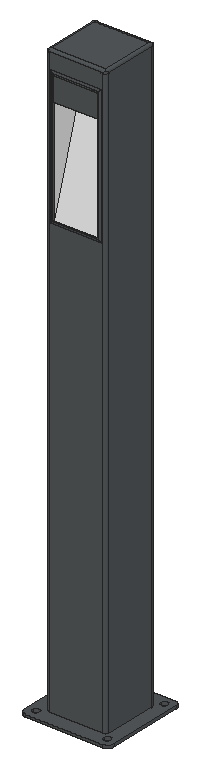
Revit family "svetilnik_alfresco_ar deko_dtu19", category Lighting Fixtures, Revit 2016 (continued)
Definition of nested family "Источник света Ар_Деко"
  Types (5, lengths in mm): name | Photometric Web File | built-in parameter 1150142
      .2       0.2\r\n       0.2       0.2       0.2       0.2       0.2       0.2       0.2       0.2\r\n       0.2       0.2       0.2       0.2       0.2       0.2       0.2       0.2\r\n       0.2       0.2       0.2       0.2       0.2       0.2       0.2       0.2\r\n       0.2       0.2       0.2       0.2       0.2       0.2       0.2       0.2\r\n       0.2       0.2       0.2       0.2       0.2       0.2       0.2       0.2\r\n       0.2       0.2       0.2       0.2       0.2       0.2       0.2       0.2\r\n       0.2       0.2       0.2       0.2       0.2       0.2       0.2       0.2\r\n       0.2       0.2       0.2       0.2       0.2       0.2       0.2       0.2\r\n       0.2       0.2       0.2       0.2       0.2       0.2       0.2       0.2\r\n       0.2       0.2       0.2       0.2       0.2       0.2       0.2       0.2\r\n       0.2       0.2       0.2       0.2       0.2       0.2       0.2       0.2\r\n       0.2       0.2       0.2       0.2       0.2       0.2       0.2       0.2\r\n       0.2       0.2       0.2       0.2       0.2       0.2       0.2       0.2\r\n       0.2       0.2       0.2       0.2       0.2       0.2       0.2       0.2\r\n       0.2       0.2       0.2       0.2       0.2       0.2       0.2       0.2\r\n       0.2       0.1       0.1       0.1       0.1       0.1       0.1       0.1\r\n       0.1       0.1       0.0       0.0       0.0\r\n       0.0       0.0       0.1       0.1       0.1       0.1       0.1       0.1\r\n       0.2       0.3       0.2       0.2       0.2       0.2       0.2       0.2\r\n       0.2       0.2       0.2       0.2       0.2       0.2       0.2       0.2\r\n       0.2       0.2       0.2       0.2       0.2       0.2       0.2       0.2\r\n       0.2       0.2       0.2       0.2       0.2       0.2       0.2       0.2\r\n       0.2       0.2       0.2       0.2       0.2       0.2       0.2       0.2\r\n       0.2       0.2       0.2       0.2       0.2       0.2       0.2       0.2\r\n       0.2       0.2       0.2       0.2       0.2       0.2       0.2       0.2\r\n       0.2       0.2       0.2       0.2       0.2       0.2       0.2       0.2\r\n       0.2       0.2       0.2       0.2       0.2       0.2       0.2       0.2\r\n       0.2       0.2       0.2       0.2       0.2       0.2       0.2       0.2\r\n       0.2       0.2       0.2       0.2       0.2       0.2       0.2       0.2\r\n       0.2       0.2       0.2       0.2       0.2       0.2       0.2       0.2\r\n       0.2       0.2       0.2       0.2       0.2       0.2       0.2       0.2\r\n       0.2       0.2       0.2       0.2       0.2       0.2       0.2       0.2\r\n       0.2       0.2       0.2       0.2       0.2       0.2       0.2       0.2\r\n       0.2       0.2       0.2       0.2       0.2       0.2       0.2       0.2\r\n       0.2       0.2       0.2       0.2       0.2       0.2       0.2       0.2\r\n       0.2       0.2       0.2       0.2       0.2       0.2       0.2       0.2\r\n       0.2       0.2       0.2       0.2       0.2       0.2       0.2       0.2\r\n       0.2       0.2       0.2       0.2       0.2       0.2       0.2       0.2\r\n       0.2       0.1       0.1       0.1       0.1       0.1       0.1       0.1\r\n       0.1       0.1       0.0       0.0       0.0\r\n       0.0       0.0       0.1       0.1       0.1       0.1       0.1       0.1\r\n       0.2       0.3       0.2       0.2       0.2       0.2       0.2       0.2\r\n       0.2       0.2       0.2       0.2       0.2       0.2       0.2       0.2\r\n       0.2       0.2       0.2       0.2       0.2       0.2       0.2       0.2\r\n       0.3       0.2       0.2       0.2       0.2       0.2       0.2       0.2\r\n       0.2       0.2       0.3       0.2       0.2       0.2       0.2       0.2\r\n       0.2       0.2       0.2       0.2       0.2       0.2       0.2       0.2\r\n       0.2       0.2       0.2       0.2       0.2       0.2       0.3       0.2\r\n       0.2       0.2       0.2       0.2       0.2       0.2       0.2       0.2\r\n       0.2       0.2       0.2       0.2       0.2       0.2       0.2       0.2\r\n       0.2       0.2       0.2       0.2       0.2       0.2       0.2       0.2\r\n       0.2       0.2       0.2       0.2       0.2       0.2       0.2       0.2\r\n       0.2       0.2       0.2       0.2       0.2       0.2       0.2       0.2\r\n       0.2       0.2       0.2       0.2       0.2       0.2       0.2       0.2\r\n       0.2       0.2       0.2       0.2       0.2       0.2       0.2       0.2\r\n       0.2       0.2       0.2       0.2       0.2       0.2       0.2       0.2\r\n       0.2       0.2       0.2       0.2       0.2       0.2       0.2       0.2\r\n       0.2       0.2       0.2       0.2       0.2       0.2       0.2       0.2\r\n       0.2       0.2       0.2       0.2       0.2       0.2       0.2       0.2\r\n       0.2       0.2       0.2       0.2       0.2       0.2       0.2       0.2\r\n       0.2       0.2       0.2       0.2       0.2       0.2       0.2       0.2\r\n       0.2       0.1       0.1       0.1       0.1       0.1       0.1       0.1\r\n       0.1       0.1       0.0       0.0       0.0\r\n       0.0       0.0       0.1       0.1       0.1       0.1       0.1       0.1\r\n       0.2       0.3       0.2       0.2       0.2       0.2       0.2       0.2\r\n       0.2       0.2       0.2       0.2       0.2       0.2       0.2       0.2\r\n       0.2       0.2       0.2       0.2       0.2       0.2       0.2       0.2\r\n       0.2       0.2       0.2       0.2       0.2       0.3       0.3       0.2\r\n       0.2       0.2       0.2       0.4       0.3       0.2       0.2       0.2\r\n       0.2       0.2       0.2       0.2       0.2       0.2       0.2       0.2\r\n       0.2       0.2       0.2       0.2       0.2       0.2       0.2       0.2\r\n       0.2       0.2       0.2       0.2       0.2       0.2       0.2       0.2\r\n       0.2       0.2       0.2       0.2       0.2       0.2       0.2       0.2\r\n       0.2       0.2       0.2       0.2       0.2       0.2       0.2       0.2\r\n       0.2       0.2       0.2       0.2       0.2       0.2       0.2       0.2\r\n       0.2       0.2       0.2       0.2       0.2       0.2       0.2       0.2\r\n       0.2       0.2       0.2       0.2       0.2       0.2       0.2       0.2\r\n       0.2       0.2       0.2       0.2       0.2       0.3       0.2       0.2\r\n       0.2       0.2       0.2       0.2       0.2       0.2       0.2       0.2\r\n       0.2       0.2       0.2       0.2       0.2       0.2       0.2       0.2\r\n       0.2       0.2       0.2       0.2       0.2       0.2       0.2       0.2\r\n       0.2       0.2       0.2       0.2       0.2       0.2       0.2       0.2\r\n       0.2       0.2       0.2       0.2       0.2       0.2       0.2       0.2\r\n       0.2       0.2       0.2       0.2       0.2       0.2       0.2       0.2\r\n       0.2       0.1       0.1       0.1       0.1       0.1       0.1       0.1\r\n       0.1       0.1       0.0       0.0       0.0\r\n       0.0       0.0       0.1       0.1       0.1       0.1       0.1       0.1\r\n       0.2       0.3       0.2       0.2       0.2       0.2       0.2       0.2\r\n       0.2       0.2       0.2       0.2       0.2       0.2       0.2       0.2\r\n       0.2       0.2       0.2       0.2       0.2       0.2       0.2       0.2\r\n       0.2       0.2       0.2       0.2       0.2       0.3       0.2       0.2\r\n       0.2       0.2       0.2       0.3       0.2       0.2       0.2       0.2\r\n       0.2       0.2       0.2       0.2       0.2       0.2       0.2       0.2\r\n       0.2       0.2       0.2       0.2       0.2       0.2       0.2       0.2\r\n       0.2       0.2       0.2       0.2       0.2       0.2       0.2       0.2\r\n       0.2       0.2       0.2       0.2       0.2       0.2       0.2       0.2\r\n       0.2       0.2       0.2       0.2       0.2       0.2       0.2       0.2\r\n       0.2       0.2       0.2       0.2       0.2       0.2       0.2       0.2\r\n       0.2       0.2       0.2       0.2       0.2       0.2       0.2       0.2\r\n       0.2       0.2       0.2       0.2       0.2       0.2       0.2       0.2\r\n       0.2       0.2       0.2       0.2       0.2       0.4       0.2       0.2\r\n       0.2       0.2       0.2       0.2       0.2       0.2       0.2       0.2\r\n       0.2       0.2       0.2       0.2       0.2       0.2       0.2       0.2\r\n       0.2       0.2       0.2       0.2       0.2       0.2       0.2       0.2\r\n       0.2       0.2       0.2       0.2       0.2       0.2       0.2       0.2\r\n       0.2       0.2       0.2       0.2       0.2       0.2       0.2       0.2\r\n       0.2       0.2       0.2       0.2       0.2       0.2       0.2       0.2\r\n       0.2       0.1       0.1       0.1       0.1       0.1       0.1       0.1\r\n       0.1       0.1       0.0       0.0       0.0\r\n       0.0       0.0       0.1       0.1       0.1       0.1       0.1       0.1\r\n       0.2       0.2       0.2       0.2       0.2       0.2       0.2       0.2\r\n       0.2       0.2       0.2       0.2       0.2       0.2       0.2       0.2\r\n       0.2       0.2       0.2       0.2       0.2       0.2       0.2       0.2\r\n       0.2       0.2       0.2       0.2       0.2       0.2       0.2       0.2\r\n       0.2       0.2       0.2       0.2       0.2       0.2       0.2       0.2\r\n       0.2       0.2       0.2       0.2       0.2       0.2       0.2       0.2\r\n       0.2       0.2       0.2       0.2       0.2       0.2       0.2       0.2\r\n       0.2       0.2       0.2       0.2       0.2       0.2       0.2       0.2\r\n       0.2       0.2       0.2       0.2       0.2       0.2       0.2       0.2\r\n       0.2       0.2       0.2       0.2       0.2       0.2       0.2       0.2\r\n       0.2       0.2       0.2       0.2       0.2       0.2       0.2       0.2\r\n       0.2       0.2       0.2       0.2       0.2       0.2       0.2       0.2\r\n       0.2       0.2       0.2       0.2       0.2       0.2       0.2       0.2\r\n       0.2       0.2       0.2       0.2       0.2       0.2       0.2       0.2\r\n       0.2       0.2       0.2       0.2       0.2       0.2       0.2       0.2\r\n       0.2       0.2       0.2       0.2       0.2       0.2       0.2       0.2\r\n       0.2       0.2       0.2       0.2       0.2       0.2       0.2       0.2\r\n       0.2       0.2       0.2       0.2       0.2       0.2       0.2       0.2\r\n       0.2       0.2       0.2       0.2       0.2       0.2       0.2       0.2\r\n       0.2       0.2       0.2       0.2       0.2       0.2       0.2       0.2\r\n       0.2       0.1       0.1       0.1       0.1       0.1       0.1       0.1\r\n       0.1       0.1       0.0       0.0       0.0\r\n       0.0       0.0       0.1       0.1       0.1       0.1       0.1       0.1\r\n       0.2       0.2       0.2       0.2       0.2       0.2       0.2       0.2\r\n       0.2       0.2       0.2       0.2       0.2       0.2       0.2       0.2\r\n       0.2       0.2       0.2       0.2       0.2       0.2       0.2       0.2\r\n       0.2       0.2       0.2       0.2       0.2       0.2       0.2       0.2\r\n       0.2       0.2       0.2       0.2       0.2       0.2       0.2       0.2\r\n       0.2       0.2       0.2       0.2       0.2       0.2       0.2       0.2\r\n       0.2       0.2       0.2       0.2       0.2       0.2       0.2       0.2\r\n       0.2       0.2       0.2       0.2       0.2       0.2       0.2       0.2\r\n       0.2       0.2       0.2       0.2       0.2       0.2       0.2       0.2\r\n       0.2       0.2       0.2       0.2       0.2       0.2       0.2       0.2\r\n       0.2       0.2       0.2       0.2       0.2       0.2       0.2       0.2\r\n       0.2       0.2       0.2       0.2       0.2       0.2       0.2       0.2\r\n       0.2       0.2       0.2       0.2       0.2       0.2       0.2       0.2\r\n       0.2       0.2       0.2       0.2       0.2       0.2       0.2       0.2\r\n       0.2       0.2       0.2       0.2       0.2       0.2       0.2       0.2\r\n       0.2       0.2       0.2       0.2       0.2       0.2       0.2       0.2\r\n       0.2       0.2       0.2       0.2       0.2       0.2       0.2       0.2\r\n       0.2       0.2       0.2       0.2       0.2       0.2       0.2       0.2\r\n       0.2       0.2       0.2       0.2       0.2       0.2       0.2       0.2\r\n       0.2       0.2       0.2       0.2       0.2       0.2       0.2       0.2\r\n       0.2       0.1       0.1       0.1       0.1       0.1       0.1       0.1\r\n       0.1       0.1       0.0       0.0       0.0\r\n       0.0       0.0       0.1       0.1       0.1       0.1       0.1       0.1\r\n       0.2       0.2       0.2       0.2       0.2       0.2       0.2       0.2\r\n       0.2       0.2       0.2       0.2       0.2       0.2       0.2       0.2\r\n       0.2       0.2       0.2       0.2       0.2       0.2       0.2       0.2\r\n       0.2       0.2       0.2       0.2       0.2       0.2       0.2       0.2\r\n       0.2       0.2       0.2       0.2       0.2       0.2       0.2       0.2\r\n       0.2       0.2       0.2       0.2       0.2       0.2       0.2       0.2\r\n       0.2       0.2       0.2       0.2       0.2       0.2       0.2       0.2\r\n       0.2       0.2       0.2       0.2       0.2       0.2       0.2       0.2\r\n       0.2       0.2       0.2       0.2       0.2       0.2       0.2       0.2\r\n       0.2       0.2       0.2       0.2       0.2       0.2       0.2       0.2\r\n       0.2       0.2       0.2       0.2       0.2       0.2       0.2       0.2\r\n       0.2       0.2       0.2       0.2       0.2       0.2       0.2       0.2\r\n       0.2       0.2       0.2       0.2       0.2       0.2       0.2       0.2\r\n       0.2       0.2       0.2       0.2       0.2       0.2       0.2       0.2\r\n       0.2       0.2       0.2       0.2       0.2       0.2       0.2       0.2\r\n       0.2       0.2       0.2       0.2       0.2       0.2       0.2       0.2\r\n       0.2       0.2       0.2       0.2       0.2       0.2       0.2       0.2\r\n       0.2       0.2       0.2       0.2       0.2       0.2       0.2       0.2\r\n       0.2       0.2       0.2       0.2       0.2       0.2       0.2       0.2\r\n       0.2       0.2       0.2       0.2       0.2       0.2       0.2       0.2\r\n       0.2       0.1       0.1       0.1       0.1       0.1       0.1       0.1\r\n       0.1       0.1       0.0       0.0       0.0\r\n       0.0       0.0       0.1       0.1       0.1       0.1       0.1       0.1\r\n       0.2       0.2       0.2       0.2       0.2       0.2       0.2       0.2\r\n       0.2       0.2       0.2       0.2       0.2       0.2       0.2       0.2\r\n       0.2       0.2       0.2       0.2       0.2       0.2       0.2       0.2\r\n       0.2       0.2       0.2       0.2       0.2       0.2       0.2       0.2\r\n       0.2       0.2       0.2       0.2       0.2       0.2       0.2       0.2\r\n       0.2       0.2       0.2       0.2       0.2       0.2       0.2       0.2\r\n       0.2       0.2       0.2       0.2       0.2       0.2       0.2       0.2\r\n       0.2       0.2       0.2       0.2       0.2       0.2       0.2       0.2\r\n       0.2       0.2       0.2       0.2       0.2       0.2       0.2       0.2\r\n       0.2       0.2       0.2       0.2       0.2       0.2       0.2       0.2\r\n       0.2       0.2       0.2       0.2       0.2       0.2       0.2       0.2\r\n       0.2       0.2       0.2       0.2       0.2       0.2       0.2       0.2\r\n       0.2       0.2       0.2       0.2       0.2       0.2       0.2       0.2\r\n       0.2       0.2       0.2       0.2       0.2       0.2       0.2       0.2\r\n       0.2       0.2       0.2       0.2       0.2       0.2       0.2       0.2\r\n       0.2       0.2       0.2       0.2       0.2       0.2       0.2       0.2\r\n       0.2       0.2       0.2       0.2       0.2       0.2       0.2       0.2\r\n       0.2       0.2       0.2       0.2       0.2       0.2       0.2       0.2\r\n       0.2       0.2       0.2       0.2       0.2       0.2       0.2  
           0.2\r\n       0.2       0.2       0.2       0.2       0.2       0.2       0.2       0.2\r\n       0.2       0.1       0.1       0.1       0.1       0.1       0.1       0.1\r\n       0.1       0.1       0.0       0.0       0.0\r\n       0.0       0.0       0.1       0.1       0.1       0.1       0.1       0.1\r\n       0.2       0.2       0.2       0.2       0.2       0.2       0.2       0.2\r\n       0.2       0.2       0.2       0.2       0.2       0.2       0.2       0.2\r\n       0.2       0.2       0.2       0.2       0.2       0.2       0.2       0.2\r\n       0.2       0.2       0.2       0.2       0.2       0.2       0.2       0.2\r\n       0.2       0.2       0.2       0.2       0.2       0.2       0.2       0.2\r\n       0.2       0.2       0.2       0.2       0.2       0.2       0.2       0.2\r\n       0.2       0.2       0.2       0.2       0.2       0.2       0.2       0.2\r\n       0.2       0.2       0.2       0.2       0.2       0.2       0.2       0.2\r\n       0.2       0.2       0.2       0.2       0.2       0.2       0.2       0.2\r\n       0.2       0.2       0.2       0.2       0.2       0.2       0.2       0.2\r\n       0.2       0.2       0.2       0.2       0.2       0.2       0.2       0.2\r\n       0.2       0.2       0.2       0.2       0.2       0.2       0.2       0.2\r\n       0.2       0.2       0.2       0.2       0.2       0.2       0.2       0.2\r\n       0.2       0.2       0.2       0.2       0.2       0.2       0.2       0.2\r\n       0.2       0.2       0.2       0.2       0.2       0.2       0.2       0.2\r\n       0.2       0.2       0.2       0.2       0.2       0.2       0.2       0.2\r\n       0.2       0.2       0.2       0.2       0.2       0.2       0.2       0.2\r\n       0.2       0.2       0.2       0.2       0.2       0.2       0.2       0.2\r\n       0.2       0.2       0.2       0.2       0.2       0.2       0.2       0.2\r\n       0.2       0.2       0.2       0.2       0.2       0.2       0.2       0.2\r\n       0.2       0.1       0.1       0.1       0.1       0.1       0.1       0.1\r\n       0.1       0.1       0.0       0.0       0.0\r\n       0.0       0.0       0.1       0.1       0.1       0.1       0.1       0.1\r\n       0.2       0.2       0.2       0.2       0.2       0.2       0.2       0.2\r\n       0.2       0.2       0.2       0.2       0.2       0.2       0.2       0.2\r\n       0.2       0.2       0.2       0.2       0.2       0.2       0.2       0.2\r\n       0.2       0.2       0.2       0.2       0.2       0.2       0.2       0.2\r\n       0.2       0.2       0.2       0.2       0.2       0.2       0.2       0.2\r\n       0.2       0.2       0.2       0.2       0.2       0.2       0.2       0.2\r\n       0.2       0.2       0.2       0.2       0.2       0.2       0.2       0.2\r\n       0.2       0.2       0.2       0.2       0.2       0.2       0.2       0.2\r\n       0.2       0.2       0.2       0.2       0.2       0.2       0.2       0.2\r\n       0.2       0.2       0.2       0.2       0.2       0.2       0.2       0.2\r\n       0.2       0.2       0.2       0.2       0.2       0.2       0.2       0.2\r\n       0.2       0.2       0.2       0.2       0.2       0.2       0.2       0.2\r\n       0.2       0.2       0.2       0.2       0.2       0.2       0.2       0.2\r\n       0.2       0.2       0.2       0.2       0.2       0.2       0.2       0.2\r\n       0.2       0.2       0.2       0.2       0.2       0.2       0.2       0.2\r\n       0.2       0.2       0.2       0.2       0.2       0.2       0.2       0.2\r\n       0.2       0.2       0.2       0.2       0.2       0.2       0.2       0.2\r\n       0.2       0.2       0.2       0.2       0.2       0.2       0.2       0.2\r\n       0.2       0.2       0.2       0.2       0.2       0.2       0.2       0.2\r\n       0.2       0.2       0.2       0.2       0.2       0.2       0.2       0.2\r\n       0.2       0.1       0.1       0.1       0.1       0.1       0.1       0.1\r\n       0.1       0.1       0.0       0.0       0.0\r\n       0.0       0.0       0.1       0.1       0.1       0.1       0.1       0.1\r\n       0.2       0.2       0.2       0.2       0.2       0.2       0.2       0.2\r\n       0.2       0.2       0.2       0.2       0.2       0.2       0.2       0.2\r\n       0.2       0.2       0.2       0.2       0.2       0.2       0.2       0.2\r\n       0.2       0.2       0.2       0.2       0.2       0.2       0.2       0.2\r\n       0.2       0.2       0.2       0.2       0.2       0.2       0.2       0.2\r\n       0.2       0.2       0.2       0.2       0.2       0.2       0.2       0.2\r\n       0.2       0.2       0.2       0.2       0.2       0.2       0.2       0.2\r\n       0.2       0.2       0.2       0.2       0.2       0.2       0.2       0.2\r\n       0.2       0.2       0.2       0.2       0.2       0.2       0.2       0.2\r\n       0.2       0.2       0.2       0.2       0.2       0.2       0.2       0.2\r\n       0.2       0.2       0.2       0.2       0.2       0.2       0.2       0.2\r\n       0.2       0.2       0.2       0.2       0.2       0.2       0.2       0.2\r\n       0.2       0.2       0.2       0.2       0.2       0.2       0.2       0.2\r\n       0.2       0.2       0.2       0.2       0.2       0.2       0.2       0.2\r\n       0.2       0.2       0.2       0.2       0.2       0.2       0.2       0.2\r\n       0.2       0.2       0.2       0.2       0.2       0.2       0.2       0.2\r\n       0.2       0.2       0.2       0.2       0.2       0.2       0.2       0.2\r\n       0.2       0.2       0.2       0.2       0.2       0.2       0.2       0.2\r\n       0.2       0.2       0.2       0.2       0.2       0.2       0.2       0.2\r\n       0.2       0.2       0.2       0.2       0.2       0.2       0.2       0.2\r\n       0.2       0.1       0.1       0.1       0.1       0.1       0.1       0.1\r\n       0.1       0.1       0.0       0.0       0.0\r\n       0.0       0.0       0.0       0.1       0.1       0.1       0.1       0.1\r\n       0.2       0.2       0.2       0.2       0.2       0.2       0.2       0.2\r\n       0.2       0.2       0.2       0.2       0.2       0.2       0.2       0.2\r\n       0.2       0.2       0.2       0.2       0.2       0.2       0.2       0.2\r\n       0.2       0.2       0.2       0.2       0.2       0.2       0.2       0.2\r\n       0.2       0.2       0.2       0.2       0.2       0.2       0.2       0.2\r\n       0.2       0.2       0.2       0.2       0.2       0.2       0.2       0.2\r\n       0.2       0.2       0.2       0.2       0.2       0.2       0.2       0.2\r\n       0.2       0.2       0.2       0.2       0.2       0.2       0.2       0.2\r\n       0.2       0.2       0.2       0.2       0.2       0.2       0.2       0.2\r\n       0.2       0.2       0.2       0.2       0.2       0.2       0.2       0.2\r\n       0.2       0.2       0.2       0.2       0.2       0.2       0.2       0.2\r\n       0.2       0.2       0.2       0.2       0.2       0.2       0.2       0.2\r\n       0.2       0.2       0.2       0.2       0.2       0.2       0.2       0.2\r\n       0.2       0.2       0.2       0.2       0.2       0.2       0.2       0.2\r\n       0.2       0.2       0.2       0.2       0.2       0.2       0.2       0.2\r\n       0.2       0.2       0.2       0.2       0.2       0.2       0.2       0.2\r\n       0.2       0.2       0.2       0.2       0.2       0.2       0.2       0.2\r\n       0.2       0.2       0.2       0.2       0.2       0.2       0.2       0.2\r\n       0.2       0.2       0.2       0.2       0.2       0.2       0.2       0.2\r\n       0.2       0.2       0.2       0.2       0.2       0.2       0.2       0.2\r\n       0.2       0.1       0.1       0.1       0.1       0.1       0.1       0.1\r\n       0.1       0.1       0.0       0.0       0.0\r\n       0.0       0.0       0.0       0.1       0.1       0.1       0.1       0.1\r\n       0.2       0.2       0.2       0.2       0.2       0.2       0.2       0.2\r\n       0.2       0.2       0.2       0.2       0.2       0.2       0.2       0.2\r\n       0.2       0.2       0.2       0.2       0.2       0.2       0.2       0.2\r\n       0.2       0.2       0.2       0.2       0.2       0.2       0.2       0.2\r\n       0.2       0.2       0.2       0.2       0.2       0.2       0.2       0.2\r\n       0.2       0.2       0.2       0.2       0.2       0.2       0.2       0.2\r\n       0.2       0.2       0.2       0.2       0.2       0.2       0.2       0.2\r\n       0.2       0.2       0.2       0.2       0.2       0.2       0.2       0.2\r\n       0.2       0.2       0.2       0.2       0.2       0.2       0.2       0.2\r\n       0.2       0.2       0.2       0.2       0.2       0.2       0.2       0.2\r\n       0.2       0.2       0.2       0.2       0.2       0.2       0.2       0.2\r\n       0.2       0.2       0.2       0.2       0.2       0.2       0.2       0.2\r\n       0.2       0.2       0.2       0.2       0.2       0.2       0.2       0.2\r\n       0.2       0.2       0.2       0.2       0.2       0.2       0.2       0.2\r\n       0.2       0.2       0.2       0.2       0.2       0.2       0.2       0.2\r\n       0.2       0.2       0.2       0.2       0.2       0.2       0.2       0.2\r\n       0.2       0.2       0.2       0.2       0.2       0.2       0.2       0.2\r\n       0.2       0.2       0.2       0.2       0.2       0.2       0.2       0.2\r\n       0.2       0.2       0.2       0.2       0.2       0.2       0.2       0.2\r\n       0.2       0.2       0.2       0.2       0.2       0.2       0.2       0.2\r\n       0.2       0.1       0.1       0.1       0.1       0.1       0.1       0.1\r\n       0.1       0.1       0.0       0.0       0.0\r\n       0.0       0.0       0.0       0.1       0.1       0.1       0.1       0.1\r\n       0.2       0.2       0.2       0.2       0.2       0.2       0.2       0.2\r\n       0.2       0.2       0.2       0.2       0.2       0.2       0.2       0.2\r\n       0.2       0.3       0.2       0.2       0.2       0.2       0.2       0.2\r\n       0.2       0.2       0.2       0.2       0.2       0.2       0.2       0.2\r\n       0.2       0.2       0.2       0.2       0.2       0.2       0.2       0.2\r\n       0.2       0.2       0.2       0.2       0.2       0.2       0.2       0.2\r\n       0.2       0.2       0.2       0.2       0.2       0.2       0.2       0.2\r\n       0.2       0.2       0.2       0.2       0.2       0.2       0.2       0.2\r\n       0.2       0.2       0.2       0.2       0.2       0.2       0.2       0.2\r\n       0.2       0.2       0.2       0.2       0.2       0.2       0.2       0.2\r\n       0.2       0.2       0.2       0.2       0.2       0.2       0.2       0.2\r\n       0.2       0.2       0.2       0.2       0.2       0.2       0.2       0.2\r\n       0.2       0.2       0.2       0.2       0.2       0.2       0.2       0.2\r\n       0.2       0.2       0.2       0.2       0.2       0.2       0.2       0.2\r\n       0.2       0.2       0.2       0.2       0.2       0.2       0.2       0.2\r\n       0.2       0.2       0.2       0.2       0.2       0.2       0.2       0.2\r\n       0.2       0.2       0.2       0.2       0.2       0.2       0.2       0.2\r\n       0.2       0.2       0.2       0.2       0.2       0.2       0.2       0.2\r\n       0.2       0.2       0.2       0.2       0.2       0.2       0.2       0.2\r\n       0.2       0.2       0.2       0.2       0.2       0.2       0.2       0.2\r\n       0.2       0.1       0.1       0.1       0.1       0.1       0.1       0.1\r\n       0.1       0.1       0.0       0.0       0.0\r\n       0.0       0.0       0.0       0.1       0.1       0.1       0.1       0.1\r\n       0.2       0.2       0.2       0.2       0.2       0.2       0.2       0.2\r\n       0.2       0.2       0.2       0.2       0.2       0.2       0.2       0.2\r\n       0.2       0.2       0.2       0.2       0.2       0.2       0.2       0.2\r\n       0.2       0.2       0.2       0.2       0.2       0.2       0.2       0.2\r\n       0.2       0.2       0.2       0.2       0.2       0.2       0.2       0.2\r\n       0.2       0.2       0.2       0.2       0.2       0.2       0.2       0.2\r\n       0.2       0.2       0.2       0.2       0.2       0.2       0.2       0.2\r\n       0.2       0.2       0.2       0.2       0.2       0.2       0.2       0.2\r\n       0.2       0.2       0.2       0.2       0.2       0.2       0.2       0.2\r\n       0.2       0.2       0.2       0.2       0.2       0.2       0.2       0.2\r\n       0.2       0.2       0.2       0.2       0.2       0.2       0.2       0.2\r\n       0.2       0.2       0.2       0.2       0.2       0.2       0.2       0.2\r\n       0.2       0.2       0.2       0.2       0.2       0.2       0.2       0.2\r\n       0.2       0.2       0.2       0.2       0.2       0.2       0.2       0.2\r\n       0.2       0.2       0.2       0.2       0.2       0.2       0.2       0.2\r\n       0.2       0.2       0.2       0.2       0.2       0.2       0.2       0.2\r\n       0.2       0.2       0.2       0.2       0.2       0.3       0.2       0.2\r\n       0.2       0.2       0.2       0.2       0.2       0.2       0.2       0.2\r\n       0.2       0.2       0.2       0.2       0.2       0.2       0.2       0.2\r\n       0.2       0.2       0.2       0.2       0.2       0.2       0.2       0.2\r\n       0.2       0.1       0.1       0.1       0.1       0.1       0.1       0.1\r\n       0.1       0.1       0.0       0.0       0.0\r\n       0.0       0.0       0.0       0.0       0.1       0.1       0.1       0.1\r\n       0.2       0.2       0.2       0.2       0.2       0.2       0.2       0.2\r\n       0.2       0.2       0.2       0.2       0.2       0.2       0.2       0.2\r\n       0.2       0.2       0.2       0.2       0.2       0.2       0.2       0.2\r\n       0.2       0.2       0.2       0.2       0.2       0.2       0.2       0.2\r\n       0.2       0.2       0.2       0.2       0.2       0.2       0.2       0.2\r\n       0.2       0.2       0.2       0.2       0.2       0.2       0.2       0.2\r\n       0.2       0.2       0.2       0.2       0.2       0.2       0.2       0.2\r\n       0.2       0.2       0.2       0.2       0.2       0.2       0.2       0.2\r\n       0.2       0.2       0.2       0.2       0.2       0.2       0.2       0.2\r\n       0.2       0.2       0.2       0.2       0.2       0.2       0.2       0.2\r\n       0.2       0.2       0.2       0.2       0.2       0.2       0.2       0.2\r\n       0.2       0.2       0.2       0.2       0.2       0.2       0.2       0.2\r\n       0.2       0.2       0.2       0.2       0.2       0.2       0.2       0.2\r\n       0.2       0.2       0.2       0.2       0.2       0.2       0.2       0.2\r\n       0.2       0.2       0.2       0.2       0.2       0.2       0.2       0.2\r\n       0.2       0.2       0.2       0.2       0.2       0.2       0.2       0.2\r\n       0.2       0.2       0.2       0.2       0.2       0.2       0.2       0.2\r\n       0.2       0.2       0.2       0.2       0.2       0.2       0.2       0.2\r\n       0.2       0.2       0.2       0.2       0.2       0.2       0.2       0.2\r\n       0.2       0.2       0.2       0.2       0.2       0.2       0.2       0.2\r\n       0.2       0.1       0.1       0.1       0.1       0.1       0.1       0.1\r\n       0.1       0.1       0.0       0.0       0.0\r\n       0.0       0.0       0.0       0.0       0.1       0.1       0.1       0.1\r\n       0.2       0.2       0.2       0.2       0.2       0.2       0.2       0.2\r\n       0.2       0.2       0.2       0.2       0.2       0.2       0.2       0.2\r\n       0.2       0.2       0.2       0.2       0.2       0.2       0.2       0.2\r\n       0.2       0.2       0.2       0.2       0.2       0.2       0.2       0.2\r\n       0.2       0.2       0.2       0.2       0.2       0.2       0.2       0.2\r\n       0.2       0.2       0.2       0.2       0.2       0.2       0.2       0.2\r\n       0.2       0.2       0.2       0.2       0.2       0.2       0.2       0.2\r\n       0.2       0.2       0.2       0.2       0.2       0.2       0.2       0.2\r\n       0.2       0.2       0.2       0.2       0.2       0.2       0.2       0.2\r\n       0.2       0.2       0.2       0.2       0.2       0.2       0.2       0.2\r\n       0.2       0.2    
